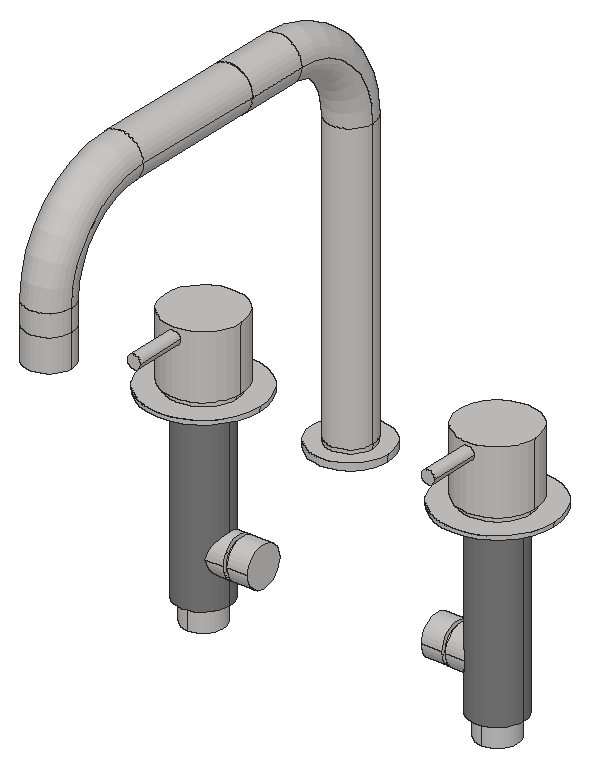
Revit family "KV3", category Generic Models, Revit 2021
Family settings
  Can host rebar = No
  Round Connector Dimension = Use Diameter
  Part Type = Normal
  Work Plane-Based = No
  Always vertical = Yes
  Cut with Voids When Loaded = No
  Shared = No
  Room Calculation Point = No
Parameters (values of type "Standard")
  e-mail = "info@vola.com"
  URL = "http://vola.com"
  Telephone = "+45 7023 5500"
  Quality management standard = "ISO 9001"
  Organisation no. / DUNS no. = "17531328"
  Occupational health and safety management standard = "ISO 18001"
  Mounting Instructions = "http://vola.com/service/producturl.ashx?name=KV3"
  Model = "KV3"
  Materials and components information = "http://vola.com/service/producturl.ashx?name=KV3"
  Manufacturer = "VOLA A/S"
  Maintenance Instructions = "http://vola.com/service/producturl.ashx?name=KV3"
  Guarantee = "2 years"
  Flow = "30,00 l/min"
  Environmental management standard = "ISO 14000"
  Default Elevation = 0.00 mm
  Connection - All relevant connections = "½\" for water connection"
  Approvals = "http://vola.com/service/producturl.ashx?name=KV3"
Reference planes
  plane 1 "Center (Front/Back)": y = 0
  plane 2: z = 0
  plane 3 "Center (Left/Right)": x = 0
Dimensions and locks
  aligned and locked: plane 2 to level
Nested families
  nested 1: "090D" at (0, 0, 0), type "090D"
  nested 2: "S50" at (78, 0, 0), type "S50"
  nested 3: "S50" at (-78, 0, 0) x (-1, 0, 0) z (0, 0, 1), type "S50"
  nested 4: "001" at (-78, 0, 0), type "001"
  nested 5: "001" at (78, 0, 0), type "001"
Connectors
  piping at (78, 0, -110), diameter 20.9
    settings: on nested 2, index 1, connector inside diameter 0.82283", connector length 0.00 mm, flow factor 0, pipe flow 0 GPM, pressure drop 0.00 psi, fitting loss kfactor 0, connector angle 0.00°, fixture units 0, engagement length 0.00 mm, angle of deflection 0.00°, flow configuration 0, flow direction 1, fitting loss method 0, system type 20, joint type 0, gender type 0, connector reference index -1, connector utility 0, adjustable connector no, is connector primary yes, connector description ""
  piping at (-78, 0, -110), diameter 20.9
    settings: on nested 3, index 2, connector inside diameter 0.82283", connector length 0.00 mm, flow factor 0, pipe flow 0 GPM, pressure drop 0.00 psi, fitting loss kfactor 0, connector angle 0.00°, fixture units 0, engagement length 0.00 mm, angle of deflection 0.00°, flow configuration 0, flow direction 1, fitting loss method 0, system type 19, joint type 0, gender type 0, connector reference index -1, connector utility 0, adjustable connector no, is connector primary no, connector description ""
Definition of nested family "090D"
  Parameters
    e-mail = "info@vola.com"
    URL = "http://vola.com"
    Telephone = "+45 7023 5500"
    Quality management standard = "ISO 9001"
    Organisation no. / DUNS no. = "17531328"
    Occupational health and safety management standard = "ISO 18001"
    Mounting Instructions = "http://vola.com/service/producturl.ashx?name=090D"
    Model = "090D"
    Materials and components information = "http://vola.com/service/producturl.ashx?name=090D"
    Manufacturer = "VOLA A/S"
    Maintenance Instructions = "http://vola.com/service/producturl.ashx?name=090D"
    Guarantee = "2 years"
    Environmental management standard = "ISO 14000"
    Default Elevation = 0.00 mm
    Connection - All relevant connections = ""
    Approvals = "http://vola.com/service/producturl.ashx?name=090D"
  Reference planes
    plane 1 "Center (Front/Back)": y = 0
    plane 2: z = 0
    plane 3 "Center (Left/Right)": x = 0
  Forms (mm)
    Sweep 1, solid
      path origin (0, 0, -1) x (0, 1, 0) y (0, 0, 1)
        loop
          line (0, 6.5) -> (0, 159)
          arc (0, 159) -> (-13.912, 192.588) -> (-47.5, 206.5) r 47.5
          line (-47.5, 206.5) -> (-80, 206.5)
      profile origin (0, 0, 81.75) x (0, -1, 0) y (1, 0, 0)
        loop
          circle (0, 0) r 12
    Extrusion 2, solid
      sketch origin (0, 0, 0) x (1, 0, 0) y (0, 1, 0)
        loop
          circle (0, 0) r 20
      from 0 to 3.5
    Extrusion 3, solid
      sketch origin (0, 0, 3.5) x (1, 0, 0) y (0, 1, 0)
        loop
          circle (0, 0) r 12
      from 0 to 2
    Sweep 4, solid
      path origin (0, 0, 1.5) x (0, 1, 0) y (0, 0, 1)
        loop
          line (-80, 204) -> (-152.5, 204)
          arc (-152.5, 204) -> (-186.088, 190.088) -> (-200, 156.5) r 47.5
          line (-200, 156.5) -> (-200, 145)
      profile origin (0, -116.25, 205.5) x (0, 0, -1) y (1, 0, 0)
        loop
          circle (0, 0) r 12
    Extrusion 5, solid
      sketch origin (0, -200, 146.5) x (0, -1, 0) y (-1, 0, 0)
        loop
          circle (0, 0) r 12
      from 0 to 17.2
  Cuts and joins
    joined: Sweep 1, Extrusion 2
  Dimensions and locks
    aligned and locked: plane 2 to level
Definition of nested family "S50"
  Parameters
    e-mail = "info@vola.com"
    URL = "http://vola.com"
    Telephone = "+45 7023 5500"
    Quality management standard = "ISO 9001"
    Organisation no. / DUNS no. = "17531328"
    Occupational health and safety management standard = "ISO 18001"
    Mounting Instructions = "http://vola.com/service/producturl.ashx?name=S50"
    Model = "S50"
    Materials and components information = "http://vola.com/service/producturl.ashx?name=S50"
    Manufacturer = "VOLA A/S"
    Maintenance Instructions = "http://vola.com/service/producturl.ashx?name=S50"
    Guarantee = "2 years"
    Flow = "32,00 l/min"
    Environmental management standard = "ISO 14000"
    Default Elevation = 0.00 mm
    Connection - All relevant connections = "½\" for water connection"
    Approvals = "http://vola.com/service/producturl.ashx?name=S50"
  Reference planes
    plane 1 "Center (Front/Back)": y = 0
    plane 2: z = 0
    plane 3 "Center (Left/Right)": x = 0
  Forms (mm)
    Extrusion 1, solid
      sketch origin (0, 0, 2) x (1, 0, 0) y (0, 1, 0)
        loop
          circle (0, 0) r 18
      from 0 to 3
    Extrusion 2, solid
      sketch origin (0, 0, 5) x (1, 0, 0) y (0, 1, 0)
        loop
          circle (0, 0) r 20
      from 0 to 33.5
    Extrusion 3, solid
      sketch origin (0, 0, -1.25) x (1, 0, 0) y (0, 0, 1)
        loop
          circle (0, 34.5) r 3.5
      from 0 to 46
    Extrusion 4, solid
      sketch origin (0, 0, 0) x (1, 0, 0) y (0, 1, 0)
        loop
          circle (0, 0) r 14
      from 2 to -98
    Extrusion 5, solid
      sketch origin (0, 0, -98) x (0, 1, 0) y (1, 0, 0)
        loop
          circle (0, 0) r 9
      from 0 to 2
    Extrusion 6, solid
      sketch origin (0, 0, -100) x (-1, 0, 0) y (0, 1, 0)
        loop
          circle (0, 0) r 10.45
      from 10 to 0
    Extrusion 7, solid
      sketch origin (0, 0, 25) x (0, 1, 0) y (0, 0, 1)
        loop
          circle (0, -98) r 10.5
      from -19 to 0
    Extrusion 8, solid
      sketch origin (-19, 0, 25) x (0, -1, 0) y (0, 0, 1)
        loop
          circle (0, -98) r 9
      from 2 to 0
    Extrusion 9, solid
      sketch origin (-21, 0, 25) x (0, -1, 0) y (0, 0, 1)
        loop
          circle (0, -98) r 10.45
      from 11 to 0
    Extrusion 10, void
      sketch origin (0, 0, -98) x (1, 0, 0) y (0, 1, 0)
        loop
          circle (0, 0) r 14
      from 41.193 to 9.651
  Cuts and joins
    joined: Extrusion 2, Extrusion 3
    Extrusion 10 cuts Extrusion 5
    Extrusion 10 cuts Extrusion 7
  Lines and regions (mm)
    reference lines
      curve 1: line (0, 0, -110) -> (0, 0, -140)
      curve 2: line (-32, 0, -73) -> (-62, 0, -73)
    model lines
      curve 3: line (6.05, 19.063, 38.5) -> (6.05, -19.063, 38.5)
      curve 4: line (-6.05, -19.063, 38.5) -> (-6.05, 19.063, 38.5)
  Dimensions and locks
    aligned and locked: plane 2 to level
Definition of nested family "001"
  Parameters
    e-mail = "info@vola.com"
    URL = "http://vola.com"
    Telephone = "+45 7023 5500"
    Quality management standard = "ISO 9001"
    Organisation no. / DUNS no. = "17531328"
    Occupational health and safety management standard = "ISO 18001"
    Mounting Instructions = "http://vola.com/service/producturl.ashx?name=001"
    Model = "001"
    Materials and components information = "http://vola.com/service/producturl.ashx?name=001"
    Manufacturer = "VOLA A/S"
    Maintenance Instructions = "http://vola.com/service/producturl.ashx?name=001"
    Guarantee = "2 years"
    Environmental management standard = "ISO 14000"
    Default Elevation = 1219.20 mm
    Connection - All relevant connections = ""
    Approvals = "http://vola.com/service/producturl.ashx?name=001"
  Reference planes
    plane 1 "Center (Front/Back)": y = 0
    plane 2: z = 0
    plane 3 "Center (Left/Right)": x = 0
  Forms (mm)
    Extrusion 1, solid
      sketch origin (0, 0, 0) x (1, 0, 0) y (0, 1, 0)
        loop
          circle (0, 0) r 16.5
        loop
          circle (0, 0) r 30
      from 0 to 2
  Dimensions and locks
    aligned and locked: plane 2 to level
